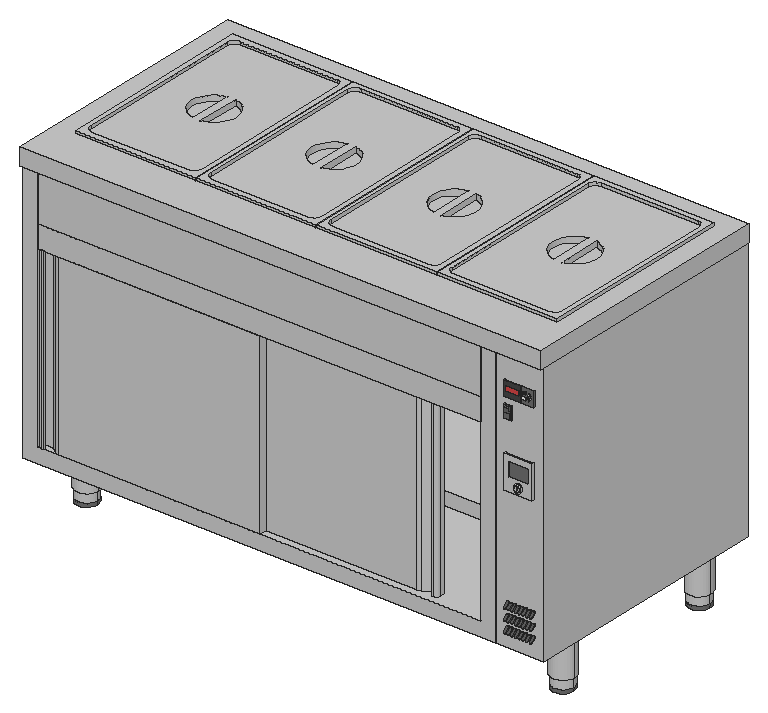
Revit family "QF_INOMAK_MHV714_250605103543", category Specialty Equipment, Revit 2021
Family settings
  Round Connector Dimension = Use Diameter
  Part Type = Normal
  OmniClass Number = 23.40.40.14
  OmniClass Title = Food Service Equipment
  Work Plane-Based = No
  Always vertical = Yes
  Cut with Voids When Loaded = No
  Shared = No
  Room Calculation Point = No
Parameters (values of type "MHV714")
  Weight [instance] = 65.9977 kg
  Waste Water Discharge Temperature [instance] = 0 °C
  Waste Remarks [instance] = ""
  Warranty Start Date [instance] = ""
  Warranty Duration [instance] = ""
  Volts [instance] = 400 V
  Volt Free Conn [instance] = no
  URL Recommended Spares List [instance] = ""
  URL Manufacturer [instance] = ""
  URL Cutsheet [instance] = ""
  URL Critical Spares List [instance] = ""
  URL = "www.inomak.com"
  Technical Documentation [instance] = ""
  Tag Number [instance] = ""
  Status [instance] = ""
  Start Up Current [instance] = 0 A
  Specification by User [instance] = ""
  Specification by Manufacturer [instance] = ""
  Sound Level [instance] = ""
  Show Logo [instance] = yes
  Show Clearances [instance] = yes
  Service Life Duration [instance] = ""
  Serial Number [instance] = ""
  Seismic Rating [instance] = ""
  SMACNA No [instance] = ""
  Revision Code [instance] = ""
  Revision [instance] = ""
  Production Year [instance] = ""
  Potential Equalisation [instance] = no
  Point Load [instance] = 0
  Plumbing Remarks [instance] = ""
  Plumbing Connection Type [instance] = ""
  Phase [instance] = 3
  Other Equipment Approvals [instance] = ""
  Operational Current [instance] = 0 A
  Odor Trap Included [instance] = no
  Number of Poles [instance] = 3
  No Load Power Draw [instance] = no
  National Water Regulation Certification [instance] = no
  NAFEM Spec ID Number [instance] = ""
  Model Warning [instance] = ""
  Model = "MHV714"
  Min Ckt Ampacity [instance] = 0 A
  Max Overcurrent Protection [instance] = 25 A
  Masterspec [instance] = ""
  Manufacturer = "INOMAK"
  Main switch integrated [instance] = no
  Length Actual [instance] = 1405.89 mm
  Item Number [instance] = ""
  Installed By [instance] = ""
  Installation Date [instance] = ""
  Indirect Waste Size [instance] = 25.4 mm
  Indirect Waste Remarks [instance] = ""
  Indirect Waste Flow [instance] = 0.0 L/s
  Indirect Waste Connection Type [instance] = ""
  Indirect Waste Connection Height [instance] = 0 mm
  Identify Quantity as Lot [instance] = no
  ID [instance] = ""
  Hygiene Approval [instance] = ""
  Height Actual [instance] = 899.922 mm
  HP power [instance] = ""
  Furnished By [instance] = ""
  Foodservice Equipment Identifier [instance] = no
  FL Amps [instance] = 16.8 A
  Electrical Remarks [instance] = ""
  Electric power [instance] = 3840 W
  Electric Connection Type [instance] = ""
  Elec Conn RI Height [instance] = 0 mm
  Elec Conn Connection Height [instance] = 0 mm
  ETL Approved [instance] = no
  Direct Waste Water Discharge Temperature [instance] = -273.15 °C
  Direct Waste Size [instance] = 25.4 mm
  Direct Waste RI Height [instance] = 0 mm
  Direct Waste Flow [instance] = 0.0 L/s
  Direct Waste Connection Height [instance] = 0 mm
  Description = "BAIN MARIE ON HEATED CUPBOARD WITH 3 GN PANS CAPACITY "
  Depth Actual [instance] = 700.024 mm
  Default Elevation = 0 mm
  Cycle [instance] = 50 Hz
  Cost = 0
  Connection to energy optimisation system [instance] = yes
  Conn Plug [instance] = ""
  Conn Conduit [instance] = no
  Cold Water Temperature Recommended [instance] = 0 °C
  Cold Water Size [instance] = 12.7 mm
  Cold Water Remarks [instance] = ""
  Cold Water RI Height [instance] = 0 mm
  Cold Water Quality [instance] = ""
  Cold Water Minimum Pressure [instance] = 200000.0 Pa
  Cold Water Maximum Pressure [instance] = 600000.0 Pa
  Cold Water Flow [instance] = 0.0 L/s
  Cold Water Connection Type [instance] = ""
  Cold Water Connection Height [instance] = 0 mm
  Centralized building control system with digital interface [instance] = ""
  CSI MasterFormat [instance] = ""
  CE Approved [instance] = no
  Barcode [instance] = 0
  Author [instance] = ""
  Asset Identifier [instance] = ""
  Apparent Power [instance] = 3840 VA
  Accessory [instance] = no
Reference planes
  plane 1 "Center (Front/Back)": y = 0
  plane 2: z = 0
  plane 3 "Center (Left/Right)": x = 0
Forms (mm)
  Extrusion 1, solid, not visible
    sketch origin (110.005, -510.025, 146.007) x (1, 0, 0) y (0, 1, 0)
      loop
        line (-2, 2) -> (-2, -2) -> (2, -2) -> (2, 2) -> (-2, 2)
    from -2 to 2
  Extrusion 2, solid, not visible
    sketch origin (110.005, -410.02, 146.007) x (1, 0, 0) y (0, 1, 0)
      loop
        line (-2, 2) -> (-2, -2) -> (2, -2) -> (2, 2) -> (-2, 2)
    from -2 to 2
  Extrusion 3, solid, not visible
    sketch origin (1360.066, -635.031, 146.007) x (1, 0, 0) y (0, 1, 0)
      loop
        line (-2, 2) -> (-2, -2) -> (2, -2) -> (2, 2) -> (-2, 2)
    from -2 to 2
Dimensions and locks
  locked: nested 2 to Extrusion 1 at 2  (x2)
  locked: nested 3 to Extrusion 2 at 2  (x2)
  locked: nested 4 to Extrusion 3 at 2  (x2)
  aligned and locked: level to plane 2
Nested families
  nested 1: "QF_INOMAK_CUPBOARD_BAIN_MARIES_1410_2920" at (0, 0, 144), type "MHV714"
    with Weight 65.9977 kg, Warranty Start Date "", Warranty Duration "", URL Cutsheet "", Technical Documentation "", Tag Number "", Status "", Specification by User "", Specification by Manufacturer "", Sound Level "", Solid Fuel Type "", Show Logo yes, Show Clearances yes, Service Life Duration "", Serial Number "", Seismic Rating "", SMACNA No "", Revision Code "", Revision "", Production Year "", Point Load 0, Other Equipment Approvals "", NAFEM Spec ID Number "", Model Warning "", Masterspec "", Length Actual 1405.89 mm, Item Number "", Installed By "", Installation Date "", Identify Quantity as Lot yes, ID "", Hygiene Approval "", Height Actual 899.922 mm, Furnished By "", Foodservice Equipment Identifier yes, ETL Approved yes, Depth Actual 700.024 mm, CSI MasterFormat "", CE Approved yes, Barcode "", Author "", Asset Identifier "", Accessory no
  nested 2: "CONN_POINT_COLDWATER_2D___Generic_Annotation" at (110.005, -510.025, 144.007), type "CONN_POINT_COLDWATER_2D___Generic_Annotation"
    with Onboard connection annotation symbol visibility yes
  nested 3: "CONN_POINT_DRAIN_2D___Generic_Annotation" at (110.005, -410.02, 144.007), type "CONN_POINT_DRAIN_2D___Generic_Annotation"
    with Onboard connection annotation symbol visibility yes
  nested 4: "CONN_POINT_ELE_2D___Generic_Annotation" at (1360.066, -635.031, 144.007), type "CONN_POINT_ELE_2D___Generic_Annotation"
    with Onboard connection annotation symbol visibility yes
  nested 5: "QF_INOMAK_LEGS_5042" at (0, 0, 0), type "LG-1410-700"
    with Weight 0.00 kg, Warranty Start Date "", Warranty Duration "", URL Cutsheet "", Technical Documentation "", Tag Number "", Status "", Specification by User "", Specification by Manufacturer "", Sound Level "", Solid Fuel Type "", Show Logo yes, Show Clearances yes, Service Life Duration "", Serial Number "", Seismic Rating "", SMACNA No "", Revision Code "", Revision "", Production Year "", Point Load 0, Other Equipment Approvals "", NAFEM Spec ID Number "", Model Warning "", Masterspec "", Length Actual 1405.89 mm, Item Number "", Installed By "", Installation Date "", Identify Quantity as Lot yes, ID "", Hygiene Approval "", Height Actual 144.018 mm, Furnished By "", Foodservice Equipment Identifier yes, ETL Approved yes, Depth Actual 700.024 mm, CSI MasterFormat "", CE Approved yes, Barcode "", Author "", Asset Identifier "", Accessory yes
Connectors
  piping at (110.005, -510.025, 144.007), diameter 12.7, driven by "Cold Water Size", driven by "Cold Water Flow"
    settings: on Extrusion 1, index 1, connector inside diameter 609.6 mm, connector length 0 mm, flow factor 0, pipe flow 0.0 L/s, pressure drop 0.0 Pa, fitting loss kfactor 0, connector angle 0.00°, fixture units 0, engagement length 0 mm, angle of deflection 0.00°, flow configuration 1, flow direction 1, fitting loss method 0, system type 20, joint type 0, gender type 0, connector reference index -1, connector utility 0, adjustable connector no, is connector primary yes, connector description "Cold Water connection for MHV714"
  piping at (110.005, -410.02, 144.007), diameter 25.4, driven by "Indirect Waste Size", driven by "Direct Waste Flow"
    settings: on Extrusion 2, index 2, connector inside diameter 609.6 mm, connector length 0 mm, flow factor 0, pipe flow 0.0 L/s, pressure drop 0.0 Pa, fitting loss kfactor 0, connector angle 0.00°, fixture units 0, engagement length 0 mm, angle of deflection 0.00°, flow configuration 1, flow direction 2, fitting loss method 0, system type 16, joint type 0, gender type 0, connector reference index -1, connector utility 0, adjustable connector no, is connector primary no, connector description "Waste connection for MHV714"
  electrical at (1360.066, -635.031, 144.007), driven by "Apparent Power", driven by "Number of Poles", driven by "Volts"
    settings: on Extrusion 3, index 3, voltage 400 V, apparent load 0 VA, apparent load phase1 3840 VA, apparent load phase2 0 VA, apparent load phase3 0 VA, power factor 1, load classification "Other", number of poles 3, system type 31, power factor state 1, is connector primary yes, connector utility no, sub classification motor no, connector description "Electrical connection for MHV714"
Definition of nested family "QF_INOMAK_CUPBOARD_BAIN_MARIES_1410_2920"
  Parameters (values of type "MFV714")
    Weight [instance] = 0.00 kg
    Warranty Start Date [instance] = ""
    Warranty Duration [instance] = ""
    URL Cutsheet [instance] = ""
    URL = "www.inomak.com"
    Technical Documentation [instance] = ""
    Tag Number [instance] = ""
    Status [instance] = ""
    Specification by User [instance] = ""
    Specification by Manufacturer [instance] = ""
    Sound Level [instance] = ""
    Solid Fuel Type [instance] = ""
    Show Logo [instance] = yes
    Show Clearances [instance] = yes
    Service Life Duration [instance] = ""
    Serial Number [instance] = ""
    Seismic Rating [instance] = ""
    SMACNA No [instance] = ""
    Revision Code [instance] = ""
    Revision [instance] = ""
    Production Year [instance] = ""
    Point Load [instance] = 0
    Other Equipment Approvals [instance] = ""
    NAFEM Spec ID Number [instance] = ""
    Model Warning [instance] = ""
    Model = "MFV714"
    Masterspec [instance] = ""
    Manufacturer = "INOMAK"
    Length Actual [instance] = 0 mm
    Item Number [instance] = ""
    Installed By [instance] = ""
    Installation Date [instance] = ""
    Identify Quantity as Lot [instance] = yes
    ID [instance] = ""
    Hygiene Approval [instance] = ""
    Height Actual [instance] = 0 mm
    Furnished By [instance] = ""
    Foodservice Equipment Identifier [instance] = yes
    ETL Approved [instance] = yes
    Description = "BAIN MARIE ON CUPBOARD WITH 3 GN PANS CAPACITY AND SHOWCASE"
    Depth Actual [instance] = 0 mm
    Default Elevation = 0 mm
    CSI MasterFormat [instance] = ""
    CE Approved [instance] = yes
    Barcode [instance] = ""
    Author [instance] = ""
    Asset Identifier [instance] = ""
    Assembly Code = "E1090320"
    Accessory [instance] = yes
  Types (10, lengths in mm): name | Model | Description
    MFV714 | "MFV714" | "BAIN MARIE ON CUPBOARD WITH 3 GN PANS CAPACITY AND SHOWCASE"
    MDV714 | "MDV714" | "BAIN MARIE ON CUPBOARD WITH 3 GN PANS CAPACITY"
    MVV714 | "MVV714" | "BAIN MARIE ON CUPBOARD WITH 3 GN PANS CAPACITY AND SINGLE SNEEZE GUARD"
    MRV714 | "MRV714" | "BAIN MARIE ON CUPBOARD WITH 3 GN PANS CAPACITY AND DOUBLE SNEEZE GUARD"
    MFSQ714 | "MFSQ714" | "BAIN MARIE ON CUPBOARD WITH 3 GN PANS CAPACITY AND SQUARE SHOWCASE"
    MIV714 | "MIV714" | "BAIN MARIE ON HEATED CUPBOARD WITH 3 GN PANS CAPACITY AND SHOWCASE"
    MHV714 | "MHV714" | "BAIN MARIE ON HEATED CUPBOARD WITH 3 GN PANS CAPACITY"
    MJV714 | "MJV714" | "BAIN MARIE ON HEATED CUPBOARD WITH 3 GN PANS CAPACITY AND SINGLE SNEEZE GUARD"
    MQV714 | "MQV714" | "BAIN MARIE ON HEATED CUPBOARD WITH 3 GN PANS CAPACITY AND DOUBLE SNEEZE GUARD"
    MISQ714 | "MISQ714" | "BAIN MARIE ON HEATED CUPBOARD WITH 3 GN PANS CAPACITY AND SQUARE SHOWCASE"
  Reference planes
    plane 1 "Back": y = 0
    plane 2: z = 0
    plane 3 "Left": x = 0
    plane 4 "Right": x = 1406
    plane 5 "Front": y = -700
    plane 6 "Top": z = 756
  Forms (mm)
    Extrusion 1, solid
      sketch origin (784.283, -707, -123.631) x (-1, 0, 0) y (0, 0, 1)
        loop
          arc (-522.253, 235.165) -> (-526.351, 236.263) -> (-527.449, 232.165) r 3
          line (-527.449, 232.165) -> (-518.449, 216.577)
          arc (-518.449, 216.577) -> (-514.351, 215.479) -> (-513.253, 219.577) r 3
          line (-513.253, 219.577) -> (-522.253, 235.165)
        loop
          arc (-532.253, 235.165) -> (-536.351, 236.263) -> (-537.449, 232.165) r 3
          line (-537.449, 232.165) -> (-528.449, 216.577)
          arc (-528.449, 216.577) -> (-524.351, 215.479) -> (-523.253, 219.577) r 3
          line (-523.253, 219.577) -> (-532.253, 235.165)
        loop
          arc (-542.253, 235.165) -> (-546.351, 236.263) -> (-547.449, 232.165) r 3
          line (-547.449, 232.165) -> (-538.449, 216.577)
          arc (-538.449, 216.577) -> (-534.351, 215.479) -> (-533.253, 219.577) r 3
          line (-533.253, 219.577) -> (-542.253, 235.165)
        loop
          arc (-552.253, 235.165) -> (-556.351, 236.263) -> (-557.449, 232.165) r 3
          line (-557.449, 232.165) -> (-548.449, 216.577)
          arc (-548.449, 216.577) -> (-544.351, 215.479) -> (-543.253, 219.577) r 3
          line (-543.253, 219.577) -> (-552.253, 235.165)
        loop
          arc (-562.253, 235.165) -> (-566.351, 236.263) -> (-567.449, 232.165) r 3
          line (-567.449, 232.165) -> (-558.449, 216.577)
          arc (-558.449, 216.577) -> (-554.351, 215.479) -> (-553.253, 219.577) r 3
          line (-553.253, 219.577) -> (-562.253, 235.165)
        loop
          arc (-572.253, 235.165) -> (-576.351, 236.263) -> (-577.449, 232.165) r 3
          line (-577.449, 232.165) -> (-568.449, 216.577)
          arc (-568.449, 216.577) -> (-564.351, 215.479) -> (-563.253, 219.577) r 3
          line (-563.253, 219.577) -> (-572.253, 235.165)
        loop
          arc (-582.253, 235.165) -> (-586.351, 236.263) -> (-587.449, 232.165) r 3
          line (-587.449, 232.165) -> (-578.449, 216.577)
          arc (-578.449, 216.577) -> (-574.351, 215.479) -> (-573.253, 219.577) r 3
          line (-573.253, 219.577) -> (-582.253, 235.165)
        loop
          arc (-592.253, 235.165) -> (-596.351, 236.263) -> (-597.449, 232.165) r 3
          line (-597.449, 232.165) -> (-588.449, 216.577)
          arc (-588.449, 216.577) -> (-584.351, 215.479) -> (-583.253, 219.577) r 3
          line (-583.253, 219.577) -> (-592.253, 235.165)
        loop
          arc (-522.253, 205.165) -> (-526.351, 206.263) -> (-527.449, 202.165) r 3
          line (-527.449, 202.165) -> (-518.449, 186.577)
          arc (-518.449, 186.577) -> (-514.351, 185.479) -> (-513.253, 189.577) r 3
          line (-513.253, 189.577) -> (-522.253, 205.165)
        loop
          arc (-532.253, 205.165) -> (-536.351, 206.263) -> (-537.449, 202.165) r 3
          line (-537.449, 202.165) -> (-528.449, 186.577)
          arc (-528.449, 186.577) -> (-524.351, 185.479) -> (-523.253, 189.577) r 3
          line (-523.253, 189.577) -> (-532.253, 205.165)
        loop
          arc (-542.253, 205.165) -> (-546.351, 206.263) -> (-547.449, 202.165) r 3
          line (-547.449, 202.165) -> (-538.449, 186.577)
          arc (-538.449, 186.577) -> (-534.351, 185.479) -> (-533.253, 189.577) r 3
          line (-533.253, 189.577) -> (-542.253, 205.165)
        loop
          arc (-552.253, 205.165) -> (-556.351, 206.263) -> (-557.449, 202.165) r 3
          line (-557.449, 202.165) -> (-548.449, 186.577)
          arc (-548.449, 186.577) -> (-544.351, 185.479) -> (-543.253, 189.577) r 3
          line (-543.253, 189.577) -> (-552.253, 205.165)
        loop
          arc (-562.253, 205.165) -> (-566.351, 206.263) -> (-567.449, 202.165) r 3
          line (-567.449, 202.165) -> (-558.449, 186.577)
          arc (-558.449, 186.577) -> (-554.351, 185.479) -> (-553.253, 189.577) r 3
          line (-553.253, 189.577) -> (-562.253, 205.165)
        loop
          arc (-572.253, 205.165) -> (-576.351, 206.263) -> (-577.449, 202.165) r 3
          line (-577.449, 202.165) -> (-568.449, 186.577)
          arc (-568.449, 186.577) -> (-564.351, 185.479) -> (-563.253, 189.577) r 3
          line (-563.253, 189.577) -> (-572.253, 205.165)
        loop
          arc (-582.253, 205.165) -> (-586.351, 206.263) -> (-587.449, 202.165) r 3
          line (-587.449, 202.165) -> (-578.449, 186.577)
          arc (-578.449, 186.577) -> (-574.351, 185.479) -> (-573.253, 189.577) r 3
          line (-573.253, 189.577) -> (-582.253, 205.165)
        loop
          arc (-592.253, 205.165) -> (-596.351, 206.263) -> (-597.449, 202.165) r 3
          line (-597.449, 202.165) -> (-588.449, 186.577)
          arc (-588.449, 186.577) -> (-584.351, 185.479) -> (-583.253, 189.577) r 3
          line (-583.253, 189.577) -> (-592.253, 205.165)
        loop
          arc (-522.253, 175.165) -> (-526.351, 176.263) -> (-527.449, 172.165) r 3
          line (-527.449, 172.165) -> (-518.449, 156.577)
          arc (-518.449, 156.577) -> (-514.351, 155.479) -> (-513.253, 159.577) r 3
          line (-513.253, 159.577) -> (-522.253, 175.165)
        loop
          arc (-532.253, 175.165) -> (-536.351, 176.263) -> (-537.449, 172.165) r 3
          line (-537.449, 172.165) -> (-528.449, 156.577)
          arc (-528.449, 156.577) -> (-524.351, 155.479) -> (-523.253, 159.577) r 3
          line (-523.253, 159.577) -> (-532.253, 175.165)
        loop
          arc (-542.253, 175.165) -> (-546.351, 176.263) -> (-547.449, 172.165) r 3
          line (-547.449, 172.165) -> (-538.449, 156.577)
          arc (-538.449, 156.577) -> (-534.351, 155.479) -> (-533.253, 159.577) r 3
          line (-533.253, 159.577) -> (-542.253, 175.165)
        loop
          arc (-552.253, 175.165) -> (-556.351, 176.263) -> (-557.449, 172.165) r 3
          line (-557.449, 172.165) -> (-548.449, 156.577)
          arc (-548.449, 156.577) -> (-544.351, 155.479) -> (-543.253, 159.577) r 3
          line (-543.253, 159.577) -> (-552.253, 175.165)
        loop
          arc (-562.253, 175.165) -> (-566.351, 176.263) -> (-567.449, 172.165) r 3
          line (-567.449, 172.165) -> (-558.449, 156.577)
          arc (-558.449, 156.577) -> (-554.351, 155.479) -> (-553.253, 159.577) r 3
          line (-553.253, 159.577) -> (-562.253, 175.165)
        loop
          arc (-572.253, 175.165) -> (-576.351, 176.263) -> (-577.449, 172.165) r 3
          line (-577.449, 172.165) -> (-568.449, 156.577)
          arc (-568.449, 156.577) -> (-564.351, 155.479) -> (-563.253, 159.577) r 3
          line (-563.253, 159.577) -> (-572.253, 175.165)
        loop
          arc (-582.253, 175.165) -> (-586.351, 176.263) -> (-587.449, 172.165) r 3
          line (-587.449, 172.165) -> (-578.449, 156.577)
          arc (-578.449, 156.577) -> (-574.351, 155.479) -> (-573.253, 159.577) r 3
          line (-573.253, 159.577) -> (-582.253, 175.165)
        loop
          arc (-592.253, 175.165) -> (-596.351, 176.263) -> (-597.449, 172.165) r 3
          line (-597.449, 172.165) -> (-588.449, 156.577)
          arc (-588.449, 156.577) -> (-584.351, 155.479) -> (-583.253, 159.577) r 3
          line (-583.253, 159.577) -> (-592.253, 175.165)
      from 16.5 to 18.5
    Extrusion 2, solid
      sketch origin (1092.266, -692, 538.514) x (-1, 0, 0) y (0, 0, 1)
        loop
          line (-208.234, 108.408) -> (-253.234, 108.408) -> (-253.234, 68.408) -> (-208.234, 68.408) -> (-208.234, 108.408)
      from 0 to 2
    Extrusion 3, solid
      sketch origin (370.5, -693, 539.422) x (-1, 0, 0) y (0, 0, 1)
        loop
          line (-950, 15) -> (-930, 15) -> (-930, 50) -> (-950, 50) -> (-950, 15)
      from 0 to 3
    Extrusion 4, solid
      sketch origin (398.5, -568, 539.422) x (0, 1, 0) y (0, 0, 1)
        loop
          line (-125, 18) -> (-125, 47)
          arc (-125, 47) -> (-127.961, 46.812) -> (-130.754, 45.81) r 10.576
          line (-130.754, 45.81) -> (-128, 32.5) -> (-128, 18) -> (-125, 18)
      from 905 to 919
    Extrusion 5, solid
      sketch origin (1137.266, -692, 538.514) x (-1, 0, 0) y (0, 0, 1)
        loop
          line (-208.234, 108.408) -> (-243.234, 108.408) -> (-243.234, 68.408) -> (-208.234, 68.408) -> (-208.234, 108.408)
      from 0 to 2
    Extrusion 6, solid
      sketch origin (1092.266, -692.5, 538.514) x (-1, 0, 0) y (0, 0, 1)
        loop
          line (-213.234, 94.908) -> (-248.234, 94.908) -> (-248.234, 81.908) -> (-213.234, 81.908) -> (-213.234, 94.908)
      from 0 to 2.5
    Extrusion 7, solid
      sketch origin (1092.266, -692.5, 538.514) x (-1, 0, 0) y (0, 0, 1)
        loop
          line (-271.558, 91.171) -> (-275.802, 98.522) -> (-280.047, 91.171) -> (-271.558, 91.171)
        loop
          line (-271.558, 85.645) -> (-280.047, 85.645) -> (-275.802, 78.294) -> (-271.558, 85.645)
        loop
          line (-257.397, 85.645) -> (-267.397, 85.645) -> (-267.397, 78.294) -> (-257.397, 78.294) -> (-257.397, 85.645)
        loop
          line (-265.397, 98.522) -> (-267.397, 98.522) -> (-267.397, 92.322) -> (-259.549, 92.322) -> (-259.549, 91.171) -> (-257.397, 93.322) -> (-259.549, 95.474) -> (-259.549, 94.322) -> (-265.397, 94.322) -> (-265.397, 98.522)
      from 0 to 2.5
    Extrusion 8, solid
      sketch origin (-2, 0, 492) x (1, 0, 0) y (0, 1, 0)
        loop
          line (55, -50) -> (55, -580) -> (380, -580) -> (380, -50) -> (55, -50)
        loop
          arc (87.5, -65) -> (73.358, -70.858) -> (67.5, -85) r 20
          line (67.5, -85) -> (67.5, -545.415)
          arc (67.5, -545.415) -> (73.358, -559.557) -> (87.5, -565.415) r 20
          line (87.5, -565.415) -> (347.5, -565.415)
          arc (347.5, -565.415) -> (361.642, -559.557) -> (367.5, -545.415) r 20
          line (367.5, -545.415) -> (367.5, -85)
          arc (367.5, -85) -> (361.642, -70.858) -> (347.5, -65) r 20
          line (347.5, -65) -> (87.5, -65)
      from 218 to 270
    Extrusion 9, solid
      sketch origin (-2, 0, 485) x (1, 0, 0) y (0, 1, 0)
        loop
          arc (67.5, -545.415) -> (73.358, -559.557) -> (87.5, -565.415) r 20
          line (87.5, -565.415) -> (347.5, -565.415)
          arc (347.5, -565.415) -> (361.642, -559.557) -> (367.5, -545.415) r 20
          line (367.5, -545.415) -> (367.5, -85)
          arc (367.5, -85) -> (361.642, -70.858) -> (347.5, -65) r 20
          line (347.5, -65) -> (87.5, -65)
          arc (87.5, -65) -> (73.358, -70.858) -> (67.5, -85) r 20
          line (67.5, -85) -> (67.5, -545.415)
      from 225 to 270
    Extrusion 10, void
      sketch origin (-2, 0, 500) x (1, 0, 0) y (0, 1, 0)
        loop
          arc (207.5, -256.046) -> (157.5, -315.207) -> (207.5, -374.368) r 60
          line (207.5, -374.368) -> (207.5, -256.046)
        loop
          line (227.5, -256.046) -> (227.5, -374.368)
          arc (227.5, -374.368) -> (277.5, -315.207) -> (227.5, -256.046) r 60
      from 240 to 270
    Extrusion 11, solid
      sketch origin (323, 0, 492) x (1, 0, 0) y (0, 1, 0)
        loop
          line (55, -50) -> (55, -580) -> (380, -580) -> (380, -50) -> (55, -50)
        loop
          arc (87.5, -65) -> (73.358, -70.858) -> (67.5, -85) r 20
          line (67.5, -85) -> (67.5, -545.415)
          arc (67.5, -545.415) -> (73.358, -559.557) -> (87.5, -565.415) r 20
          line (87.5, -565.415) -> (347.5, -565.415)
          arc (347.5, -565.415) -> (361.642, -559.557) -> (367.5, -545.415) r 20
          line (367.5, -545.415) -> (367.5, -85)
          arc (367.5, -85) -> (361.642, -70.858) -> (347.5, -65) r 20
          line (347.5, -65) -> (87.5, -65)
      from 218 to 270
    Extrusion 12, solid
      sketch origin (323, 0, 485) x (1, 0, 0) y (0, 1, 0)
        loop
          arc (67.5, -545.415) -> (73.358, -559.557) -> (87.5, -565.415) r 20
          line (87.5, -565.415) -> (347.5, -565.415)
          arc (347.5, -565.415) -> (361.642, -559.557) -> (367.5, -545.415) r 20
          line (367.5, -545.415) -> (367.5, -85)
          arc (367.5, -85) -> (361.642, -70.858) -> (347.5, -65) r 20
          line (347.5, -65) -> (87.5, -65)
          arc (87.5, -65) -> (73.358, -70.858) -> (67.5, -85) r 20
          line (67.5, -85) -> (67.5, -545.415)
      from 225 to 270
    Extrusion 13, void
      sketch origin (323, 0, 500) x (1, 0, 0) y (0, 1, 0)
        loop
          arc (207.5, -256.046) -> (157.5, -315.207) -> (207.5, -374.368) r 60
          line (207.5, -374.368) -> (207.5, -256.046)
        loop
          line (227.5, -256.046) -> (227.5, -374.368)
          arc (227.5, -374.368) -> (277.5, -315.207) -> (227.5, -256.046) r 60
      from 240 to 270
    Extrusion 14, solid
      sketch origin (973, 0, 492) x (1, 0, 0) y (0, 1, 0)
        loop
          line (55, -50) -> (55, -580) -> (380, -580) -> (380, -50) -> (55, -50)
        loop
          arc (87.5, -65) -> (73.358, -70.858) -> (67.5, -85) r 20
          line (67.5, -85) -> (67.5, -545.415)
          arc (67.5, -545.415) -> (73.358, -559.557) -> (87.5, -565.415) r 20
          line (87.5, -565.415) -> (347.5, -565.415)
          arc (347.5, -565.415) -> (361.642, -559.557) -> (367.5, -545.415) r 20
          line (367.5, -545.415) -> (367.5, -85)
          arc (367.5, -85) -> (361.642, -70.858) -> (347.5, -65) r 20
          line (347.5, -65) -> (87.5, -65)
      from 218 to 270
    Extrusion 15, solid
      sketch origin (973, 0, 485) x (1, 0, 0) y (0, 1, 0)
        loop
          arc (67.5, -545.415) -> (73.358, -559.557) -> (87.5, -565.415) r 20
          line (87.5, -565.415) -> (347.5, -565.415)
          arc (347.5, -565.415) -> (361.642, -559.557) -> (367.5, -545.415) r 20
          line (367.5, -545.415) -> (367.5, -85)
          arc (367.5, -85) -> (361.642, -70.858) -> (347.5, -65) r 20
          line (347.5, -65) -> (87.5, -65)
          arc (87.5, -65) -> (73.358, -70.858) -> (67.5, -85) r 20
          line (67.5, -85) -> (67.5, -545.415)
      from 225 to 270
    Extrusion 16, void
      sketch origin (973, 0, 500) x (1, 0, 0) y (0, 1, 0)
        loop
          arc (207.5, -256.046) -> (157.5, -315.207) -> (207.5, -374.368) r 60
          line (207.5, -374.368) -> (207.5, -256.046)
        loop
          line (227.5, -256.046) -> (227.5, -374.368)
          arc (227.5, -374.368) -> (277.5, -315.207) -> (227.5, -256.046) r 60
      from 240 to 270
    Extrusion 17, solid
      sketch origin (0, 0, 710) x (1, 0, 0) y (0, 1, 0)
        loop
          line (0, 0) -> (0, -700) -> (1406, -700) -> (1406, 0) -> (0, 0)
        loop
          line (53, -50) -> (53, -580) -> (1353, -580) -> (1353, -50) -> (53, -50)
      from 0 to 46
    Extrusion 18, solid
      sketch origin (0, 0, 0) x (1, 0, 0) y (0, 1, 0)
        loop
          line (0, -690) -> (40, -690) -> (40, -40) -> (1235, -40) -> (1235, -690) -> (1275, -690) -> (1275, 0) -> (0, 0) -> (0, -690)
      from 0 to 710
    Extrusion 19, solid
      sketch origin (303, 0, 0) x (1, 0, 0) y (0, 1, 0)
        loop
          line (972, 0) -> (972, -690) -> (1103, -690) -> (1103, 0) -> (972, 0)
      from 0 to 710
    Extrusion 20, solid
      sketch origin (-130, -690, 0) x (-1, 0, 0) y (0, 1, 0)
        loop
          line (-170, 10) -> (-170, 20) -> (-770, 20) -> (-770, 0) -> (-226.156, 0)
          arc (-226.156, 0) -> (-220.272, 0.885) -> (-214.91, 3.461) r 20
          line (-214.91, 3.461) -> (-195, 17) -> (-173, 17) -> (-173, 10)
          arc (-173, 10) -> (-175.05, 5.05) -> (-180, 3) r 7
          line (-180, 3) -> (-185.012, 3) -> (-185.012, 0) -> (-180, 0)
          arc (-180, 0) -> (-172.929, 2.929) -> (-170, 10) r 10
      from -40 to -520
    Extrusion 21, solid
      sketch origin (173, -690, 0) x (-1, 0, 0) y (0, 1, 0)
        loop
          arc (-930, 30) -> (-927.071, 22.929) -> (-920, 20) r 10
          line (-920, 20) -> (-914.988, 20) -> (-914.988, 23) -> (-920, 23)
          arc (-920, 23) -> (-924.95, 25.05) -> (-927, 30) r 7
          line (-927, 30) -> (-927, 37) -> (-905, 37) -> (-885.09, 23.461)
          arc (-885.09, 23.461) -> (-879.728, 20.885) -> (-873.844, 20) r 20
          line (-873.844, 20) -> (-325, 20) -> (-325, 40) -> (-930, 40) -> (-930, 30)
      from -40 to -520
    Extrusion 22, solid
      sketch origin (0, 0, 0) x (1, 0, 0) y (0, 1, 0)
        loop
          line (40, -40) -> (40, -690) -> (1235, -690) -> (1235, -40) -> (40, -40)
      from 0 to 40
    Extrusion 23, solid
      sketch origin (0, 0, 672.314) x (1, 0, 0) y (0, 1, 0)
        loop
          line (40, -40) -> (40, -690) -> (1235, -690) -> (1235, -40) -> (40, -40)
      from -92.314 to 37.686
    Extrusion 24, solid
      sketch origin (0, 0, 610.314) x (1, 0, 0) y (0, 1, 0)
        loop
          line (40, -40) -> (40, -690) -> (1235, -690) -> (1235, -40) -> (40, -40)
      from -90.314 to -30.314
    Extrusion 25, solid
      sketch origin (-2, 0, 252.5) x (1, 0, 0) y (0, 1, 0)
        loop
          line (42, -40) -> (42, -645) -> (1237, -645) -> (1237, -40) -> (42, -40)
      from 0 to 35
    Extrusion 26, solid
      sketch origin (310.002, -695, 50) x (-1, 0, 0) y (0, 0, 1)
        loop
          line (-992.998, 421.076) -> (-1067.998, 421.076) -> (-1067.998, 331.076) -> (-992.998, 331.076) -> (-992.998, 421.076)
        loop
          line (-1003.957, 406.276) -> (-1058.957, 406.276) -> (-1058.957, 366.276) -> (-1003.957, 366.276) -> (-1003.957, 406.276)
      from 0 to 5
    Extrusion 27, solid
      sketch origin (310.002, -692, 50) x (-1, 0, 0) y (0, 0, 1)
        loop
          line (-1003.957, 406.276) -> (-1058.957, 406.276) -> (-1058.957, 366.276) -> (-1003.957, 366.276) -> (-1003.957, 406.276)
      from 0 to 2
    Revolve 28, solid
      sketch origin (1340.5, 59.612, -3292.415) x (0, 1, 0) y (0, 0, 1)
        loop
          line (-757.012, 3691.152) -> (-754.612, 3691.152) -> (-754.612, 3701.789) -> (-757.662, 3701.789) -> (-759.012, 3699.998) -> (-757.012, 3699.998) -> (-757.012, 3691.152)
        axis (-754.612, 3691.152) -> (-759.012, 3691.152)
      angle from 0 to 360
    Extrusion 29, solid
      sketch origin (-751.127, -695, 2689.585) x (-1, 0, 0) y (0, 0, 1)
        loop
          line (-2090.827, -2287.348) -> (-2092.827, -2287.348) -> (-2092.827, -2294.348) -> (-2090.827, -2294.348) -> (-2090.827, -2287.348)
        loop
          circle (-2091.627, -2290.848) r 7.846
      from -4.4 to -2.4
    Extrusion 30, solid
      sketch origin (648, 0, 492) x (1, 0, 0) y (0, 1, 0)
        loop
          line (55, -50) -> (55, -580) -> (380, -580) -> (380, -50) -> (55, -50)
        loop
          arc (87.5, -65) -> (73.358, -70.858) -> (67.5, -85) r 20
          line (67.5, -85) -> (67.5, -545.415)
          arc (67.5, -545.415) -> (73.358, -559.557) -> (87.5, -565.415) r 20
          line (87.5, -565.415) -> (347.5, -565.415)
          arc (347.5, -565.415) -> (361.642, -559.557) -> (367.5, -545.415) r 20
          line (367.5, -545.415) -> (367.5, -85)
          arc (367.5, -85) -> (361.642, -70.858) -> (347.5, -65) r 20
          line (347.5, -65) -> (87.5, -65)
      from 218 to 270
    Extrusion 31, solid
      sketch origin (648, 0, 485) x (1, 0, 0) y (0, 1, 0)
        loop
          arc (67.5, -545.415) -> (73.358, -559.557) -> (87.5, -565.415) r 20
          line (87.5, -565.415) -> (347.5, -565.415)
          arc (347.5, -565.415) -> (361.642, -559.557) -> (367.5, -545.415) r 20
          line (367.5, -545.415) -> (367.5, -85)
          arc (367.5, -85) -> (361.642, -70.858) -> (347.5, -65) r 20
          line (347.5, -65) -> (87.5, -65)
          arc (87.5, -65) -> (73.358, -70.858) -> (67.5, -85) r 20
          line (67.5, -85) -> (67.5, -545.415)
      from 225 to 270
    Extrusion 32, void
      sketch origin (648, 0, 500) x (1, 0, 0) y (0, 1, 0)
        loop
          arc (207.5, -256.046) -> (157.5, -315.207) -> (207.5, -374.368) r 60
          line (207.5, -374.368) -> (207.5, -256.046)
        loop
          line (227.5, -256.046) -> (227.5, -374.368)
          arc (227.5, -374.368) -> (277.5, -315.207) -> (227.5, -256.046) r 60
      from 240 to 270
  Cuts and joins
    Extrusion 10, Extrusion 13 cuts Extrusion 9
    Extrusion 13, Extrusion 16, Extrusion 32 cuts Extrusion 12
    Extrusion 16 cuts Extrusion 15
    joined: Extrusion 18, Extrusion 22
    Extrusion 32 cuts Extrusion 31
  Lines and regions (mm)
    symbolic lines
      curve 1: line (0, 0, 0) -> (1406, 0, 0)
      curve 2: line (0, -700, 0) -> (0, 0, 0)
      curve 3: line (1406, -700, 0) -> (0, -700, 0)
      curve 4: line (1406, 0, 0) -> (1406, -700, 0)
      curve 5: line (53, -50, 0) -> (1353, -50, 0)
      curve 6: line (53, -580, 0) -> (53, -50, 0)
      curve 7: line (1353, -580, 0) -> (53, -580, 0)
      curve 8: line (703, -50, 0) -> (703, -580, 0)
      curve 9: line (378, -50, 0) -> (378, -580, 0)
      curve 10: line (1353, -50, 0) -> (1353, -580, 0)
      curve 11: line (1028, -50, 0) -> (1028, -580, 0)
      curve 12: line (85.5, -65, 0) -> (345.5, -65, 0)
      curve 13: arc (345.5, -65, 0) -> (359.642, -70.858, 0) -> (365.5, -85, 0) r 20
      curve 14: line (365.5, -85, 0) -> (365.5, -545.415, 0)
      curve 15: arc (365.5, -545.415, 0) -> (359.642, -559.557, 0) -> (345.5, -565.415, 0) r 20
      curve 16: line (345.5, -565.415, 0) -> (85.5, -565.415, 0)
      curve 17: arc (85.5, -565.415, 0) -> (71.358, -559.557, 0) -> (65.5, -545.415, 0) r 20
      curve 18: line (65.5, -545.415, 0) -> (65.5, -85, 0)
      curve 19: arc (65.5, -85, 0) -> (71.358, -70.858, 0) -> (85.5, -65, 0) r 20
      curve 20: arc (205.5, -256.046, 0) -> (155.5, -315.207, 0) -> (205.5, -374.368, 0) r 60
      curve 21: line (205.5, -374.368, 0) -> (205.5, -256.046, 0)
      curve 22: line (225.5, -256.046, 0) -> (225.5, -374.368, 0)
      curve 23: arc (225.5, -374.368, 0) -> (275.5, -315.207, 0) -> (225.5, -256.046, 0) r 60
      curve 24: arc (390.5, -85, 0) -> (396.358, -70.858, 0) -> (410.5, -65, 0) r 20
      curve 25: line (410.5, -65, 0) -> (670.5, -65, 0)
      curve 26: arc (670.5, -65, 0) -> (684.642, -70.858, 0) -> (690.5, -85, 0) r 20
      curve 27: line (690.5, -85, 0) -> (690.5, -545.415, 0)
      curve 28: arc (690.5, -545.415, 0) -> (684.642, -559.557, 0) -> (670.5, -565.415, 0) r 20
      curve 29: line (670.5, -565.415, 0) -> (410.5, -565.415, 0)
      curve 30: arc (410.5, -565.415, 0) -> (396.358, -559.557, 0) -> (390.5, -545.415, 0) r 20
      curve 31: line (390.5, -545.415, 0) -> (390.5, -85, 0)
      curve 32: arc (530.5, -256.046, 0) -> (480.5, -315.207, 0) -> (530.5, -374.368, 0) r 60
      curve 33: line (530.5, -374.368, 0) -> (530.5, -256.046, 0)
      curve 34: line (550.5, -256.046, 0) -> (550.5, -374.368, 0)
      curve 35: arc (550.5, -374.368, 0) -> (600.5, -315.207, 0) -> (550.5, -256.046, 0) r 60
      curve 36: line (715.5, -545.415, 0) -> (715.5, -85, 0)
      curve 37: arc (715.5, -85, 0) -> (721.358, -70.858, 0) -> (735.5, -65, 0) r 20
      curve 38: line (735.5, -65, 0) -> (995.5, -65, 0)
      curve 39: arc (995.5, -65, 0) -> (1009.642, -70.858, 0) -> (1015.5, -85, 0) r 20
      curve 40: line (1015.5, -85, 0) -> (1015.5, -545.415, 0)
      curve 41: arc (1015.5, -545.415, 0) -> (1009.642, -559.557, 0) -> (995.5, -565.415, 0) r 20
      curve 42: line (995.5, -565.415, 0) -> (735.5, -565.415, 0)
      curve 43: arc (735.5, -565.415, 0) -> (721.358, -559.557, 0) -> (715.5, -545.415, 0) r 20
      curve 44: arc (855.5, -256.046, 0) -> (805.5, -315.207, 0) -> (855.5, -374.368, 0) r 60
      curve 45: line (855.5, -374.368, 0) -> (855.5, -256.046, 0)
      curve 46: line (875.5, -256.046, 0) -> (875.5, -374.368, 0)
      curve 47: arc (875.5, -374.368, 0) -> (925.5, -315.207, 0) -> (875.5, -256.046, 0) r 60
      curve 48: line (1060.5, -65, 0) -> (1320.5, -65, 0)
      curve 49: arc (1320.5, -65, 0) -> (1334.642, -70.858, 0) -> (1340.5, -85, 0) r 20
      curve 50: line (1340.5, -85, 0) -> (1340.5, -545.415, 0)
      curve 51: arc (1340.5, -545.415, 0) -> (1334.642, -559.557, 0) -> (1320.5, -565.415, 0) r 20
      curve 52: line (1320.5, -565.415, 0) -> (1060.5, -565.415, 0)
      curve 53: arc (1060.5, -565.415, 0) -> (1046.358, -559.557, 0) -> (1040.5, -545.415, 0) r 20
      curve 54: line (1040.5, -545.415, 0) -> (1040.5, -85, 0)
      curve 55: arc (1040.5, -85, 0) -> (1046.358, -70.858, 0) -> (1060.5, -65, 0) r 20
      curve 56: arc (1180.5, -256.046, 0) -> (1130.5, -315.207, 0) -> (1180.5, -374.368, 0) r 60
      curve 57: line (1180.5, -374.368, 0) -> (1180.5, -256.046, 0)
      curve 58: line (1200.5, -256.046, 0) -> (1200.5, -374.368, 0)
      curve 59: arc (1200.5, -374.368, 0) -> (1250.5, -315.207, 0) -> (1200.5, -256.046, 0) r 60
  Dimensions and locks
    plane 3 "Left" to plane 4 "Right" = 1406 mm
    plane 5 "Front" to plane 1 "Back" = 700 mm
    plane 6 "Top" to plane 2 = 756 mm
    aligned and locked: level to plane 2
Definition of nested family "QF_INOMAK_LEGS_5042"
  Parameters (values of type "LG-1545-700-BC")
    Weight [instance] = 0.00 kg
    Warranty Start Date [instance] = ""
    Warranty Duration [instance] = ""
    URL Cutsheet [instance] = ""
    URL = "www.inomak.com"
    Technical Documentation [instance] = ""
    Tag Number [instance] = ""
    Status [instance] = ""
    Specification by User [instance] = ""
    Specification by Manufacturer [instance] = ""
    Sound Level [instance] = ""
    Solid Fuel Type [instance] = ""
    Show Logo [instance] = yes
    Show Clearances [instance] = yes
    Service Life Duration [instance] = ""
    Serial Number [instance] = ""
    Seismic Rating [instance] = ""
    SMACNA No [instance] = ""
    Right offset = 300 mm
    Revision Code [instance] = ""
    Revision [instance] = ""
    Rear offset = 90 mm
    Production Year [instance] = ""
    Point Load [instance] = 0
    Other Equipment Approvals [instance] = ""
    NAFEM Spec ID Number [instance] = ""
    Model Warning [instance] = ""
    Model = "LG"
    Masterspec [instance] = ""
    Manufacturer = "INOMAK"
    Length Actual [instance] = 0 mm
    Length = 1546 mm
    Left offset = 100 mm
    Item Number [instance] = ""
    Installed By [instance] = ""
    Installation Date [instance] = ""
    Identify Quantity as Lot [instance] = yes
    ID [instance] = ""
    Hygiene Approval [instance] = ""
    Height Actual [instance] = 0 mm
    Height = 115 mm
    Furnished By [instance] = ""
    Front offset = 150 mm
    Foodservice Equipment Identifier [instance] = yes
    ETL Approved [instance] = yes
    Description = "STANDARD LEGS"
    Depth Actual [instance] = 0 mm
    Depth = 700 mm
    Default Elevation = 0 mm
    CentralLegs = if(Length > 1900 mm, 2 > 1, 2 < 1)  # no
    CSI MasterFormat [instance] = ""
    CE Approved [instance] = yes
    Barcode [instance] = ""
    Author [instance] = ""
    Asset Identifier [instance] = ""
    Assembly Code = "E1090320"
    Accessory [instance] = yes
  Types (14, lengths in mm): name | Right offset | Rear offset | Length | Left offset | Height | Front offset | Depth | CentralLegs
    LG-720-830 | 100 | 60 | 720 | 100 | 115 | 160 | 830 | no
    LG-1440-830 | 100 | 60 | 1440 | 100 | 115 | 160 | 830 | no
    LG-720-730 | 100 | 60 | 720 | 100 | 115 | 160 | 730 | no
    LG-1440-730 | 100 | 60 | 1440 | 100 | 115 | 160 | 730 | no
    LG-1105-700 | 60 | 90 | 1103 | 60 | 144 | 150 | 700 | no
    LG-1545-700 | 300 | 90 | 1546 | 100 | 144 | 150 | 700 | no
    LG-1995-700 | 300 | 90 | 1996 | 100 | 144 | 150 | 700 | yes
    LG-1545-700-BC | 300 | 90 | 1546 | 100 | 115 | 150 | 700 | no
    LG-1995-700-BC | 300 | 90 | 1996 | 100 | 115 | 150 | 700 | yes
    LG-1410-700 | 60 | 90 | 1406 | 60 | 144 | 150 | 700 | no
    LG-1795-700 | 60 | 90 | 1792 | 60 | 144 | 150 | 700 | no
    LG-1105-600 | 60 | 90 | 1103 | 60 | 144 | 150 | 600 | no
    LG-1545-600 | 300 | 90 | 1546 | 100 | 144 | 150 | 600 | no
    LG-1995-600 | 300 | 90 | 1996 | 100 | 144 | 150 | 600 | yes
  Reference planes
    plane 1 "Back": y = 0
    plane 2: z = 0
    plane 3 "Left": x = 0
    plane 4 "Right": x = 1546
    plane 5 "Front": y = -700
    plane 6 "Top": z = 115
    plane 7 "Left offset": x = 100
    plane 8 "Right offset": x = 1246
    plane 9 "Rear offset": y = -90
    plane 10 "Front offset": y = -550
    plane 11: x = 673
  Dimensions and locks
    "Length": plane 3 "Left" to plane 4 "Right"
    "Depth": plane 5 "Front" to plane 1 "Back"
    "Left offset": plane 3 "Left" to plane 7 "Left offset"
    "Right offset": plane 8 "Right offset" to plane 4 "Right"
    "Rear offset": plane 9 "Rear offset" to plane 1 "Back"
    "Front offset": plane 10 "Front offset" to plane 5 "Front"
    "Height": plane 6 "Top" to level
    equal spacing: plane 7 "Left offset", plane 11, plane 8 "Right offset"
    aligned and locked: level to plane 2
    aligned and locked: nested 2 to plane 8 "Right offset"
    aligned and locked: nested 3 to plane 8 "Right offset"
    aligned and locked: nested 4 to plane 7 "Left offset"
    aligned and locked: nested 4 to plane 10 "Front offset"
    aligned and locked: nested 3 to plane 10 "Front offset"
    aligned and locked: nested 1 to plane 7 "Left offset"
    aligned and locked: nested 1 to plane 9 "Rear offset"
    aligned and locked: nested 2 to plane 9 "Rear offset"
    aligned and locked: nested 5 to plane 11
    aligned and locked: nested 5 to plane 10 "Front offset"
  Nested families
    nested 1: "QF_INOMAK_LEG" at (100, -90, 0), type "QF_INOMAK_LEG"
      with Height 115 mm
    nested 2: "QF_INOMAK_LEG" at (1246, -90, 0), type "QF_INOMAK_LEG"
      with Height 115 mm
    nested 3: "QF_INOMAK_LEG" at (1246, -550, 0), type "QF_INOMAK_LEG"
      with Height 115 mm
    nested 4: "QF_INOMAK_LEG" at (100, -550, 0), type "QF_INOMAK_LEG"
      with Height 115 mm
    nested 5: "QF_INOMAK_LEG" at (673, -550, 0), visible <- "CentralLegs", type "QF_INOMAK_LEG"
      with Height 115 mm
  Definition of nested family "QF_INOMAK_LEG"
    Parameters (values of type "QF_INOMAK_LEG")
      Height = 118 mm
      Default Elevation = 0 mm
    Reference planes
      plane 1 "Center (Front/Back)": y = 0
      plane 2: z = 0
      plane 3 "Center (Left/Right)": x = 0
      plane 4 "Top": z = 118
    Forms (mm)
      Extrusion 1, solid
        sketch origin (0, 0, 118) x (0, 1, 0) y (-1, 0, 0)
          loop
            line (50, 45) -> (-50, 45) -> (-50, -45) -> (50, -45) -> (50, 45)
        from 0 to -3
      Extrusion 2, solid
        sketch origin (-199.986, 580, 0) x (1, 0, 0) y (0, 1, 0)
          loop
            circle (199.986, -580) r 28
        from 9 to 35
      Extrusion 3, solid
        sketch origin (-199.986, 580, 0) x (1, 0, 0) y (0, 1, 0)
          loop
            circle (199.986, -580) r 28.5
        from 0 to 9
      Sweep 4, solid
        path origin (0, 0, 0) x (0, 1, 0) y (0, 0, 1)
          loop
            line (0, 115) -> (0, 35)
        profile origin (0, 0, 75) x (1, 0, 0) y (0, 1, 0)
          loop
            circle (0, 0) r 32
    Dimensions and locks
      "Height": plane 4 "Top" to plane 2
      aligned and locked: level to plane 2
    Automatic sketch dimensions
      plane 1 "Center (Front/Back)" to Extrusion 1 sketch curve = 50 mm
      Extrusion 1 sketch curve to plane 1 "Center (Front/Back)" = 50 mm
      plane 3 "Center (Left/Right)" to Extrusion 1 sketch curve = 45 mm
      Extrusion 1 sketch curve to plane 3 "Center (Left/Right)" = 45 mm
      plane 1 "Center (Front/Back)" to Extrusion 2 sketch curve = 0 mm
      Extrusion 2 sketch curve to plane 3 "Center (Left/Right)" = 0 mm
      plane 1 "Center (Front/Back)" to Extrusion 3 sketch curve = 0 mm
      Extrusion 3 sketch curve to plane 3 "Center (Left/Right)" = 0 mm
      Sweep 4 sketch curve to plane 1 "Center (Front/Back)" = 0 mm
      level to Sweep 4 sketch curve = 35 mm
      Sweep 4 sketch curve to plane 4 "Top" = 3 mm
      Sweep 4 sketch curve to plane 3 "Center (Left/Right)" = 0 mm
      profile plane to Sweep 4 sketch curve = 0 mm
      radius of Extrusion 2 sketch curve = 28 mm
      radius of Extrusion 3 sketch curve = 28.5 mm
      radius of Sweep 4 sketch curve = 32 mm
Definition of nested family "CONN_POINT_COLDWATER_2D___Generic_Annotation"
  Parameters (values of type "CONN_POINT_COLDWATER_2D___Generic_Annotation")
    Onboard connection annotation symbol visibility [instance] = yes
  Reference planes
    plane 1: y = 0
    plane 2: x = 0
  Lines and regions (mm)
    detail lines, visible <- "Onboard connection annotation symbol visibility"
      curve 1: circle (0, 0, 0) r 0.5 normal (0, 0, 1)
      curve 2: line (-1, 0, 0) -> (1, 0, 0)
      curve 3: line (0, 1, 0) -> (0, -1, 0)
      curve 4: line (3.241, 1, 0) -> (3.717, -1, 0)
      curve 5: line (3.717, -1, 0) -> (4.193, 1, 0)
      curve 6: line (4.193, 1, 0) -> (4.669, -1, 0)
      curve 7: line (4.669, -1, 0) -> (5.145, 1, 0)
      curve 8: arc (2.67, 0.524, 0) -> (2.004, 1, 0) -> (1.337, 0.524, 0) r 0.704
      curve 9: arc (1.337, -0.524, 0) -> (2.004, -1, 0) -> (2.67, -0.524, 0) r 0.704
      curve 10: arc (1.337, 0.524, 0) -> (1.25, 0, 0) -> (1.337, -0.524, 0) r 1.616
Definition of nested family "CONN_POINT_DRAIN_2D___Generic_Annotation"
  Parameters (values of type "CONN_POINT_DRAIN_2D___Generic_Annotation")
    Onboard connection annotation symbol visibility [instance] = yes
  Reference planes
    plane 1: y = 0
    plane 2: x = 0
  Lines and regions (mm)
    detail lines, visible <- "Onboard connection annotation symbol visibility"
      curve 1: circle (0, 0, 0) r 0.5 normal (0, 0, 1)
      curve 2: line (-1, 0, 0) -> (1, 0, 0)
      curve 3: line (0, 1, 0) -> (0, -1, 0)
      curve 4: line (1.776, 1, 0) -> (1.25, 1, 0)
      curve 5: line (1.25, 1, 0) -> (1.25, -1, 0)
      curve 6: line (1.25, -1, 0) -> (1.776, -1, 0)
      curve 7: arc (2.206, -0.862, 0) -> (2.459, -0.589, 0) -> (2.583, -0.238, 0) r 0.918
      curve 8: arc (2.583, 0.238, 0) -> (2.459, 0.589, 0) -> (2.206, 0.862, 0) r 0.918
      curve 9: arc (2.583, -0.238, 0) -> (2.599, 0, 0) -> (2.583, 0.238, 0) r 1.77
      curve 10: arc (2.206, 0.862, 0) -> (2.002, 0.965, 0) -> (1.776, 1, 0) r 0.741
      curve 11: arc (1.776, -1, 0) -> (2.002, -0.965, 0) -> (2.206, -0.862, 0) r 0.741
Definition of nested family "CONN_POINT_ELE_2D___Generic_Annotation"
  Parameters (values of type "CONN_POINT_ELE_2D___Generic_Annotation")
    Onboard connection annotation symbol visibility [instance] = yes
  Reference planes
    plane 1: y = 0
    plane 2: x = 0
  Lines and regions (mm)
    detail lines, visible <- "Onboard connection annotation symbol visibility"
      curve 1: circle (0, 0, 0) r 0.5 normal (0, 0, 1)
      curve 2: line (-1, 0, 0) -> (1, 0, 0)
      curve 3: line (0, 1, 0) -> (0, -1, 0)
      curve 4: line (2.5, 1, 0) -> (1.25, 1, 0)
      curve 5: line (1.25, 1, 0) -> (1.25, -1, 0)
      curve 6: line (1.25, -1, 0) -> (2.5, -1, 0)
      curve 7: line (1.25, 0, 0) -> (2, 0, 0)
